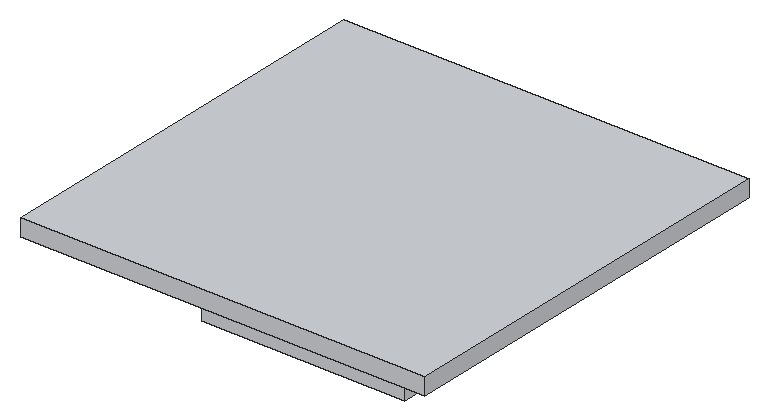
Revit family "527ce2de6f1045929257f0f061e55aeb", category Air Terminals, host Face, Revit 2021
Family settings
  Host = Face
  Round Connector Dimension = Use Diameter
  Part Type = Normal
  OmniClass Number = 23.75.70.21.27.11
  OmniClass Title = Diffusers, Registers, and Grilles
  Seek Item ID = Supply Diffuser - Perforated - Rectangular Neck - Ceiling Mounted-0000-USA-ENU
  Cut with Voids When Loaded = No
  Shared = No
  Room Calculation Point = No
Parameters (values of type "Standard")
  Pressure Drop [instance] = 0.395 in-wg
  Duct Width = 6"
  Neck Half Width = Duct Width * 1 / 2  # 0' - 3"
  Neck Half Height = Duct Height * 1 / 2  # 0' - 3"
  Flow [instance] = 350 CFM
  Duct Height = 6"
  Diffuser Width = 1' - 0"
  Diffuser Material = none
  Diffuser Height = 1' - 0"
  Diffuser Half Width = Diffuser Width * 1 / 2  # 0' - 6"
  Diffuser Half Height = Diffuser Height * 1 / 2  # 0' - 6"
  Default Elevation = 4' - 0"
  Assembly Code = ""
Reference planes (in)
  plane 1 "Center (Front/Back)": y = 0
  plane 2: z = 0
  plane 3 "Center (Left/Right)": x = 0
  plane 4: y = 6
  plane 5: y = -6
  plane 6: x = -6
  plane 7: x = 6
  plane 8: x = -3
  plane 9: x = 3
  plane 10: y = 3
  plane 11: y = -3
  plane 12: y = 5.25
  plane 13: x = -5.25
  plane 14: y = -5.25
  plane 15: x = 5.25
  plane 16: z = 0.5
  plane 17: z = -1.5
  plane 18: z = -2.5
Forms (in)
  Blend 1, solid, material <- "Diffuser Material"
    base sketch origin (0, 0, -0.5) x (-1, 0, 0) y (0, -1, 0)
      loop
        line (-3, 3) -> (-3, -3) -> (3, -3) -> (3, 3) -> (-3, 3)
    top sketch origin (0, 0, -0.5) x (-1, 0, 0) y (0, -1, 0)
      loop
        line (-5.25, 5.25) -> (-5.25, -5.25) -> (5.25, -5.25) -> (5.25, 5.25) -> (-5.25, 5.25)
    from -1 to 0.5
  Extrusion 2, solid, material <- "Diffuser Material"
    sketch origin (0, 0, -2.5) x (-1, 0, 0) y (0, -1, 0)
      loop
        line (6, -6) -> (6, 6) -> (-6, 6) -> (-6, -6) -> (6, -6)
    from 2.5 to 3
  Extrusion 3, solid, material <- "Diffuser Material"
    sketch origin (0, 0, -0.5) x (-1, 0, 0) y (0, -1, 0)
      loop
        line (3, 3) -> (-3, 3) -> (-3, -3) -> (3, -3) -> (3, 3)
    from -2 to -1
Lines and regions (in)
  symbolic lines
    curve 1: line (-6, 6, 0) -> (6, 6, 0)
    curve 2: line (-6, -6, 0) -> (-6, 6, 0)
    curve 3: line (6, -6, 0) -> (-6, -6, 0)
    curve 4: line (6, 6, 0) -> (6, -6, 0)
    curve 5: line (-3, 3, 0) -> (3, 3, 0)
    curve 6: line (-3, -3, 0) -> (-3, 3, 0)
    curve 7: line (3, -3, 0) -> (-3, -3, 0)
    curve 8: line (3, 3, 0) -> (3, -3, 0)
    curve 9: line (-6, 6, 0) -> (6, -6, 0)
    curve 10: line (6, 6, 0) -> (-6, -6, 0)
Dimensions and locks (in)
  "Diffuser Half Height": plane 6 to plane 3 "Center (Left/Right)"
  "Diffuser Half Height": plane 3 "Center (Left/Right)" to plane 7
  "Diffuser Half Width": plane 4 to plane 1 "Center (Front/Back)"
  "Diffuser Half Width": plane 5 to plane 1 "Center (Front/Back)"
  "Neck Half Height": plane 3 "Center (Left/Right)" to plane 8
  "Neck Half Height": plane 9 to plane 3 "Center (Left/Right)"
  "Neck Half Width": plane 10 to plane 1 "Center (Front/Back)"
  "Neck Half Width": plane 11 to plane 1 "Center (Front/Back)"
  "Neck Half Height": plane 8 to plane 3 "Center (Left/Right)"
  "Neck Half Height": plane 3 "Center (Left/Right)" to plane 9
  locked: plane 4 to plane 12 at 0.75
  locked: plane 6 to plane 13 at 0.75
  locked: plane 14 to plane 5 at 0.75
  locked: plane 15 to plane 7 at 0.75
  locked: plane 16 to plane 2 at 0.5
  locked: plane 16 to plane 18 at 3
  locked: plane 17 to plane 18 at 1
  aligned and locked: plane 2 to host face
  aligned and locked: level to host face
  aligned and locked: Blend 1 sketch curve to plane 12
  aligned and locked: Blend 1 sketch curve to plane 15
  aligned and locked: plane 14 to Blend 1 sketch curve
  aligned and locked: plane 13 to Blend 1 sketch curve
  aligned and locked: Blend 1 sketch curve to plane 10
  aligned and locked: plane 8 to Blend 1 sketch curve
  aligned and locked: plane 11 to Blend 1 sketch curve
  aligned and locked: plane 9 to Blend 1 sketch curve
  aligned and locked: plane 4 to Extrusion 2
  aligned and locked: Extrusion 2 to plane 5
  aligned and locked: plane 10 to Extrusion 3
  aligned and locked: Extrusion 3 to plane 9  (x2)
  aligned and locked: Extrusion 3 to plane 8
  aligned and locked: Extrusion 3 to plane 11
  aligned and locked: plane 16 to Extrusion 2
  aligned and locked: Extrusion 2 to plane 2
  aligned and locked: Extrusion 2 to plane 6
  aligned and locked: plane 7 to Extrusion 2
  aligned and locked: plane 2 to Blend 1
  aligned and locked: Blend 1 to plane 17
  aligned and locked: Extrusion 3 to plane 17
  aligned and locked: plane 18 to Extrusion 3
  aligned and locked: plane 8 to Extrusion 3
  aligned and locked: curve 1 to Extrusion 2  (x2)
  aligned and locked: Extrusion 2 to curve 4
  aligned and locked: curve 4 to Extrusion 2
  aligned and locked: Blend 1 to curve 5
  aligned and locked: curve 5 to Blend 1
  aligned and locked: curve 8 to Blend 1  (x2)
Automatic sketch dimensions
  plane 7 to Extrusion 2 sketch curve = 0' - 0"
  Extrusion 2 sketch curve to plane 4 = 0' - 0"
  Extrusion 2 sketch curve to plane 5 = 0' - 0"
  Extrusion 2 sketch curve to plane 6 = 0' - 0"
  Extrusion 3 sketch curve to plane 8 = 0' - 0"
  Extrusion 3 sketch curve to plane 10 = 0' - 0"
  Extrusion 3 sketch curve to plane 11 = 0' - 0"
  Extrusion 3 sketch curve to plane 9 = 0' - 0"
  host sketch curve to host sketch curve = 4' - 6"
  host sketch curve to host sketch curve = 5' - 0"
Connectors (in)
  hvac at (0, 0, -2.5), driven by "Duct Height", driven by "Duct Width", driven by "Pressure Drop", driven by "Flow"
    settings: on Extrusion 3, index 1, duct flow 350 CFM, flow factor 0, pres drop 0.395 in-wg, loss coef 0, conn angle 0.00°, conn width 6", conn height 6", conn diameter 24", duct sys type 1, conn prof type 1, flow config 1, flow direction 1, loss method 4, conn ref index -1, conn util no, is conn primary yes, conn desc ""
